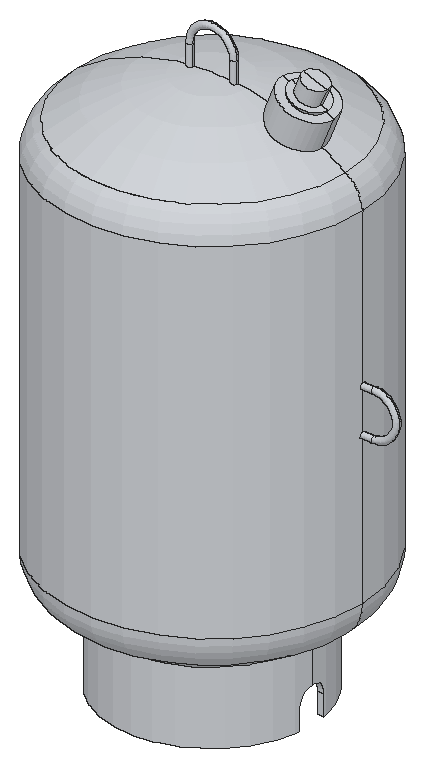
Revit family
Parameters (values of type "ST-120V-C 150# W.P. 10 BAR")
  Weight = "266 lbs"
  Tank Volume = "68 Gal"
  Tank Only = 39.813"
  Tank Height/Length = 43.750"
  Tank Diameter = 16.250"
  Pipe Connector Diameter = Pipe Connection Radius * 2  # 1.250"
  Pipe Connection Radius = 0.625"
  Model = "ST-120V-C"
  Maximum Acceptance Volume = "34 Gal"
  Max Operating Temp = "200 DEG F"
  Max Operating Pressure = "150 PSI"
  Manufacturer = "Amtrol"
  Lifting Ring Location = Tank Only / 2  # 19.9065"
  Floor to Elbow Centerline = 1.625"
  Floor to Bottom of Tank = 3.920"
  Bladder/Diaphragm = "Diaphragm"
  ASME = yes
Types (15): name | Weight | Tank Volume | Tank Only | Tank Height/Length | Model | Maximum Acceptance Volume | Max Operating Pressure | Lifting Ring Location
  (no name) | "266 lbs" | "68 Gal" | 39.813" | 43.750" | "ST-120V-C" | "34 Gal" | "150 PSI" | 19.9065"
  ST-80V-C 150# W.P. 10 BAR | "224 lbs" | "53 Gal" | 31.813" | 35.750" | "ST-80V-C" | "34.45 Gal" | "150 PSI" | 15.9065"
  ST-80V-C 175# W.P. | "237 lbs" | "53 Gal" | 31.813" | 35.750" | "ST-80V-C" | "34.45 Gal" | "175 PSI" | 15.9065"
  ST-80V-C 250# W.P. | "251 lbs" | "53 Gal" | 31.813" | 35.750" | "ST-80V-C" | "34.45 Gal" | "250 PSI" | 15.9065"
  ST-80V-C 300# W.P. | "251 lbs" | "53 Gal" | 31.813" | 35.750" | "ST-80V-C" | "34.45 Gal" | "300 PSI" | 15.9065"
  ST-120V-C 150# W.P. 10 BAR | "266 lbs" | "68 Gal" | 39.813" | 43.750" | "ST-120V-C" | "34 Gal" | "150 PSI" | 19.9065"
  ST-120V-C 175# W.P. | "273 lbs" | "68 Gal" | 39.813" | 43.750" | "ST-120V-C" | "34 Gal" | "175 PSI" | 19.9065"
  ST-120V-C 250# W.P. | "281 lbs" | "68 Gal" | 39.813" | 43.750" | "ST-120V-C" | "34 Gal" | "250 PSI" | 19.9065"
  ST-120V-C 300# W.P. | "281 lbs" | "68 Gal" | 39.813" | 43.750" | "ST-120V-C" | "34 Gal" | "300 PSI" | 19.9065"
  ST-180V-C 150# W.P. | "285 lbs" | "77 Gal" | 44.688" | 48.625" | "ST-180V-C" | "33.88 Gal" | "150 PSI" | 22.344"
  ST-180V-C 175# W.P. | "315 lbs" | "77 Gal" | 44.688" | 48.625" | "ST-180V-C" | "33.88 Gal" | "175 PSI" | 22.344"
  ST-180V-C 250# W.P. | "353 lbs" | "77 Gal" | 44.688" | 48.625" | "ST-180V-C" | "33.88 Gal" | "250 PSI" | 22.344"
  ST-210V 150# W.P. 10 BAR | "319 lbs" | "77 Gal" | 51.500" | 55.438" | "ST-210V-C" | "33.88 Gal" | "150 PSI" | 25.750"
  ST-210V-C 175# W.P. | "346 lbs" | "77 Gal" | 51.500" | 55.438" | "ST-210V-C" | "33.88 Gal" | "175 PSI" | 25.750"
  ST-210V-C 250# W.P. | "382 lbs" | "77 Gal" | 51.500" | 55.438" | "ST-210V-C" | "33.88 Gal" | "250 PSI" | 25.750"
Reference planes (in)
  plane 1 "Center (Front/Back)": y = 1.73013
  plane 2: z = 0
  plane 3 "Center (Left/Right)": x = 0.75265
Forms (in)
  Revolve 1, solid
    sketch origin (0, 1.73013, 0) x (1, 0, 0) y (0, 0, 1)
      loop
        line (0.75265, 43.733) -> (0.75265, 3.92)
        arc (0.75265, 3.92) -> (6.35905, 4.82734) -> (11.40943, 7.42517) r 18.125
        arc (11.40943, 7.42517) -> (12.38717, 8.57709) -> (12.73839, 10.04664) r 3.25
        line (12.73839, 10.04664) -> (12.73839, 37.99137)
        arc (12.73839, 37.99137) -> (12.31937, 39.27097) -> (11.41768, 40.27093) r 3.24999
        arc (11.41768, 40.27093) -> (6.35962, 42.84743) -> (0.75265, 43.733) r 18.12494
      axis (0.75265, 3.92) -> (0.75265, 43.733)
    angle from 0 to 360
  Revolve 2, solid
    sketch origin (0, 1.73013, 0) x (1, 0, 0) y (0, 0, 1)
      loop
        line (-7.24735, 0) -> (-6.74735, 0) -> (-6.74735, 6.48928) -> (-7.24735, 6.48928) -> (-7.24735, 0)
      axis (0.75265, 0) -> (0.75265, 6.48928)
    angle from 0 to 360
  Revolve 3, solid
    sketch origin (0, 1.73013, 0) x (1, 0, 0) y (0, 0, 1)
      loop
        line (0.75265, 3.312) -> (1.50265, 3.312) -> (1.50265, 4.312) -> (0.75265, 4.312) -> (0.75265, 3.312)
      axis (0.75265, 3.312) -> (0.75265, 4.312)
    angle from 0 to 360
  Sweep 4, solid
    path origin (0, 1.73013, 0) x (1, 0, 0) y (0, 0, 1)
      loop
        line (0.75265, 3.375) -> (0.75265, 3.034)
        arc (0.75265, 3.034) -> (1.16534, 2.03769) -> (2.16165, 1.625) r 1.409
        line (2.16165, 1.625) -> (2.50265, 1.625)
    profile origin (0.75265, 1.73013, 3.2045) x (0, -1, 0) y (1, 0, 0)
      loop
        circle (0, 0) r 1
  Extrusion 5, void
    sketch origin (0.75265, 0, 0) x (0, 1, 0) y (0, 0, 1)
      loop
        arc (2.98491, 1.62256) -> (1.73013, 2.87733) -> (0.47536, 1.62256) r 1.25477
        line (0.47536, 1.62256) -> (0.47536, -0.47301) -> (2.98491, -0.47301) -> (2.98491, 1.62256)
    from 5.67824 to 12
  Revolve 6, solid
    sketch origin (0, 1.73013, 0) x (1, 0, 0) y (0, 0, 1)
      loop
        line (7.45101, 42.16759) -> (9.49203, 41.34297) -> (10.45825, 43.73446) -> (9.76286, 44.01542) -> (9.93964, 44.19219) -> (9.43063, 44.39785) -> (9.92815, 45.62926) -> (9.00097, 46.00387) -> (7.45101, 42.16759)
      axis (7.45101, 42.16759) -> (9.00097, 46.00387)
    angle from 0 to 360
  Sweep 7, solid
    path origin (0, 1.73013, 0) x (1, 0, 0) y (0, 0, 1)
      loop
        line (-1.01455, 43.24724) -> (-1.01455, 45.24724)
        arc (-1.01455, 45.24724) -> (0.73545, 46.99724) -> (2.48545, 45.24724) r 1.75
        line (2.48545, 45.24724) -> (2.48545, 43.24724)
    profile origin (-1.01455, 1.73013, 44.24724) x (-1, 0, 0) y (0, -1, 0)
      loop
        circle (0, 0) r 0.25
  Sweep 8, solid
    path origin (0, 1.73013, 0) x (1, 0, 0) y (0, 0, 1)
      loop
        line (12.67138, 25.57289) -> (13.67138, 25.57289)
        arc (13.67138, 25.57289) -> (15.42138, 23.82289) -> (13.67138, 22.07289) r 1.75
        line (13.67138, 22.07289) -> (12.67138, 22.07289)
    profile origin (13.17138, 1.73013, 25.57289) x (0, 0, 1) y (0, -1, 0)
      loop
        circle (0, 0) r 0.25
Cuts and joins
  Extrusion 5 cuts Revolve 2
  Extrusion 5 cuts Sweep 4
Lines and regions (in)
  reference lines
    curve 1: line (0.75265, 1.73013, 3.91639) -> (1.25265, 1.73013, 3.91639)
Dimensions and locks (in)
  Revolve 1 sketch curve to Revolve 1 sketch curve = 14.87495"
  "Tank Only": Revolve 1 sketch curve to Revolve 1 sketch curve
  "Floor to Bottom of Tank": Revolve 1 sketch curve to level
  "Floor to Elbow Centerline": Sweep 4 sketch curve to level
  Revolve 6 sketch curve to Revolve 1 = 3.3516"
  Revolve 6 sketch curve to Revolve 1 = 4.17623"
  Revolve 6 sketch curve to Revolve 6 sketch curve = 2.57931"
  Revolve 6 sketch curve to Revolve 6 sketch curve = 2.80943"
  Revolve 6 sketch curve to Revolve 6 sketch curve = 4.13756"
  Sweep 7 sketch curve to Revolve 1 = 5.25587"  (x2)
  "Lifting Ring Location": Sweep 8 sketch curve to curve 1
  aligned and locked: plane 1 "Center (Front/Back)" to import instance
Automatic sketch dimensions
  Revolve 1 sketch curve to plane 3 "Center (Left/Right)" = 0.000"  (x2)
  Revolve 1 sketch curve to plane 3 "Center (Left/Right)" = 0.05671"
  plane 3 "Center (Left/Right)" to Revolve 1 sketch curve = 0.01075"
  plane 3 "Center (Left/Right)" to Revolve 1 sketch curve = 8.73574"
  plane 3 "Center (Left/Right)" to Revolve 1 sketch curve = 8.75461"
  Revolve 1 sketch curve to Revolve 1 sketch curve = 1.92104"
  Revolve 1 sketch curve to Revolve 1 sketch curve = 0.000"  (x3)
  Revolve 1 sketch curve to Revolve 1 sketch curve = 1.32896"
  Revolve 1 sketch curve to Revolve 1 sketch curve = 8.187"
  Revolve 1 sketch curve to Revolve 1 sketch curve = 1.3207"
  Revolve 2 sketch curve to level = 0.000"  (x2)
  Revolve 2 sketch curve to plane 3 "Center (Left/Right)" = 0.000"
  Revolve 2 sketch curve to plane 3 "Center (Left/Right)" = 7.500"
  Revolve 2 sketch curve to Revolve 2 sketch curve = 0.500"
  Revolve 2 sketch curve to Revolve 2 sketch curve = 6.48928"
  Revolve 2 sketch curve to Revolve 2 sketch curve = 5.01072"
  Revolve 3 sketch curve to plane 3 "Center (Left/Right)" = 0.000"  (x2)
  Revolve 3 sketch curve to Revolve 3 sketch curve = 0.750"
  level to Revolve 3 sketch curve = 3.312"
  Revolve 3 sketch curve to Revolve 3 sketch curve = 0.000"
  Revolve 3 sketch curve to Revolve 3 sketch curve = 1.000"
  Revolve 3 sketch curve to Revolve 3 sketch curve = 1.90375"
  Sweep 4 sketch curve to plane 3 "Center (Left/Right)" = 0.000"
  Sweep 4 sketch curve to Sweep 4 sketch curve = 1.409"
  Sweep 4 sketch curve to Sweep 4 sketch curve = 0.341"  (x2)
  plane 1 "Center (Front/Back)" to Sweep 4 sketch curve = 0.000"
  Sweep 4 sketch curve to profile plane = 0.000"
  Extrusion 5 sketch curve to plane 1 "Center (Front/Back)" = 0.000"
  Extrusion 5 sketch curve to level = 0.47301"
  level to Extrusion 5 sketch curve = 1.62256"  (x2)
  Extrusion 5 sketch curve to plane 1 "Center (Front/Back)" = 1.25477"
  plane 3 "Center (Left/Right)" to Revolve 6 sketch curve = 5.9219"
  Revolve 6 sketch curve to Revolve 6 sketch curve = 0.77646"
  Revolve 6 sketch curve to Revolve 6 sketch curve = 1.54996"
  Revolve 6 sketch curve to Revolve 6 sketch curve = 1.02762"
  Revolve 6 sketch curve to Revolve 6 sketch curve = 0.67044"
  Revolve 6 sketch curve to Revolve 6 sketch curve = 0.33224"
  Revolve 6 sketch curve to Revolve 6 sketch curve = 0.17678"
  Revolve 6 sketch curve to Revolve 6 sketch curve = 1.9218"
  Revolve 6 sketch curve to Revolve 6 sketch curve = 1.65939"
  Sweep 7 sketch curve to plane 3 "Center (Left/Right)" = 1.7672"
  Sweep 7 sketch curve to plane 3 "Center (Left/Right)" = 0.0172"
  Sweep 7 sketch curve to Sweep 7 sketch curve = 2.000"
  plane 1 "Center (Front/Back)" to Sweep 7 sketch curve = 0.000"
  Sweep 7 sketch curve to profile plane = 0.000"
  plane 3 "Center (Left/Right)" to Sweep 8 sketch curve = 11.91873"
  Sweep 8 sketch curve to Sweep 8 sketch curve = 0.000"
  Sweep 8 sketch curve to Sweep 8 sketch curve = 1.000"
  Sweep 8 sketch curve to Sweep 8 sketch curve = 1.750"
  Sweep 8 sketch curve to plane 1 "Center (Front/Back)" = 0.000"
  profile plane to Sweep 8 sketch curve = 0.000"
  curve 1 to plane 3 "Center (Left/Right)" = 0.000"
  plane 3 "Center (Left/Right)" to curve 1 = 0.500"
  level to curve 1 = 3.91639"
  radius of Sweep 4 sketch curve = 1.000"
  radius of Sweep 7 sketch curve = 0.250"
  radius of Sweep 8 sketch curve = 0.250"
Connectors (in)
  piping at (2.50265, 1.73013, 1.625), driven by "Pipe Connection Radius"
    settings: on cut or joined group of Sweep 4, Extrusion 5, index 1
